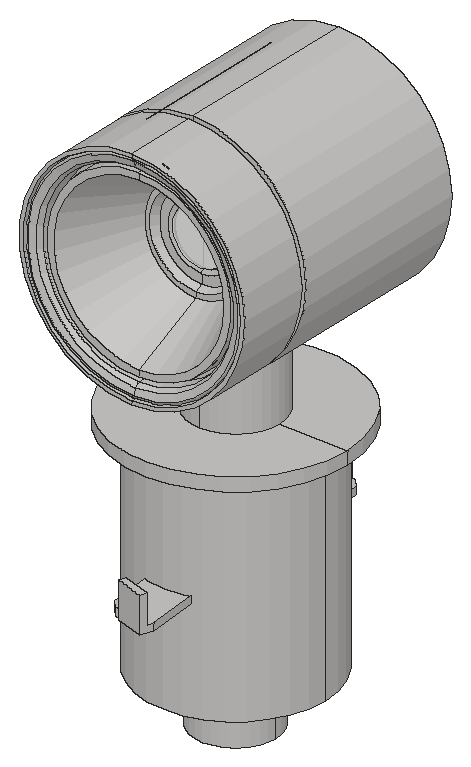
Revit family "Lighting-Luminii-Leto_11_Mini_Wet_WM", category Lighting Fixtures, host Face, Revit 2023
Family settings
  Host = Face
  Round Connector Dimension = Use Diameter
  Part Type = Normal
  OmniClass Number = 23.80.70.11.14.21
  OmniClass Title = Spots and Tracklight Specialties
  Cut with Voids When Loaded = No
  Light Source = Yes
  Maintain Annotation Orientation = No
  Shared = Yes
  Room Calculation Point = No
Parameters (values of type "Small")
  Width = 2 1/2"  # constant formula
  Wattage Comments = "6.1W"
  Wattage = 6.49954 W
  Warranty URL = "https://www.luminii.com/terms-conditions/"
  built-in parameter 1150110 = 1 (stored number, unit not read)
  Voltage Comments = "120V | 277V | 347V"  # constant formula
  Voltage = 120 V
  Version = "2020 - v1.0a"  # constant formula
  URL = "https://www.luminii.com/"
  built-in parameter 1114217 = 1 (stored number, unit not read)
  Tilt Angle = -180.00°  # constant formula
  built-in parameter 1150109 = 1 (stored number, unit not read)
  built-in parameter 1150134 = (empty or 0)
  built-in parameter 1150113 = 1 (stored number, unit not read)
  Support Phone = "224-699-9545"  # constant formula
  Support Email = "mailto:support@bimsmith.com"
  Product Page URL = "https://www.luminii.com/product/leto-11-mini-wm/"
  Power Source Type = "Driver"  # constant formula
  Power Factor = 1
  Photometric Web File = "LET11MW-L-10-35K-F20-NA.ies"
  Phase = 1
  Operating Temperature = "Consult Manufacturer Website for more Information"  # constant formula
  Number of Poles = if(and(or(Voltage = 120 V, Voltage = 277 V), Phase = 1), 1, if(and(or(Voltage = 208 V, Voltage = 240 V), Phase = 1), 2, if(and(or(Voltage = 208 V, Voltage = 240 V), Phase = 3), 3, if(and(Voltage > 300 V, Phase = 1), 2, if(and(Voltage > 400 V, Phase = 3), 3, 1)))))  # 1
  Mounting Method = "Wall Mount"  # constant formula
  Model = if(Constraints = 1, "652-S", if(Constraints = 2, "652-M", if(Constraints = 3, "652-L", "N/A")))  # "652-S"
  Manufacturer Phone Number = "403-216-7043"  # constant formula
  Manufacturer Email = "mailto: info@sensolighting.com"
  Manufacturer Address = "302 50 Ave SE. Calgary, Alberta, T2G 2A9 Canada"  # constant formula
  Manufacturer = "Luminii"  # constant formula
  built-in parameter 1150105 = 55.704 (stored number, unit not read)
  Lumens = 700 lm
  Luminaire Type = "Wall Mount LED Downlight"  # constant formula
  built-in parameter 1150115 = 1 (stored number, unit not read)
  Load Classification = Lighting
  built-in parameter 1150137 = (empty or 0)
  built-in parameter 1150139 = (empty or 0)
  Lens Material = Plastic - Luminii - Frosted Lens
  Length [instance] = if(Constraints = 1, 2 223/256", if(Constraints = 2, 8 51/256", if(Constraints = 3, 13 77/128", 2 223/256")))  # 2 223/256"
  built-in parameter 1150112 = 1 (stored number, unit not read)
  built-in parameter 1150114 = 1 (stored number, unit not read)
  Lamp Life = 1
  Lamp = "LED"  # constant formula
  Keynote = "26 50 00"
  built-in parameter 1150132 = 2
  built-in parameter 1150102 = (empty or 0)
  built-in parameter 1150107 = 3500 (stored number, unit not read)
  Initial Color Comments = "Perfomance based on 3500K Photometric Web File"  # constant formula
  built-in parameter 1150138 = (empty or 0)
  built-in parameter 1150106 = 0.55704 (stored number, unit not read)
  Housing Protection Rating = "Consult Manufacturer Website for more Information"  # constant formula
  Has Dimming = 1 = 1  # yes
  Has Battery Backup = 0 = 1  # no
  Frequency Comments = ""  # constant formula
  Frequency = 60 Hz
  Finish = Metal - Luminii - Silver Anodized Aluminum
  Environment = "Indoor"  # constant formula
  built-in parameter 1150104 = 10.006 (stored number, unit not read)
  Dimming Type = "Consult Manufacturer Website for more Information"  # constant formula
  Dimming Lamp Color Temperature Shift = <None>
  Description = "Wall mounted cylinder"  # constant formula
  Depth = 2 3/4"  # constant formula
  Default Elevation = 0"  # constant formula
  Current Amps = 50 A
  Copyright = "©2023 Luminii"  # constant formula
  Control Zone = "Consult Manufacturer Website for more Information"  # constant formula
  Control Type = "Consult Manufacturer Website for more Information"  # constant formula
  Constraints = 1
  Color Filter = 16777215
  built-in parameter 1114216 [instance] = 0  # (empty or 0)
  Canopy Finish = Metal - Luminii - Silver Anodized Aluminum
  built-in parameter 1140040 [instance] = 1 = 1  # 1
  CCT = "3500K"
  C Light Offset [instance] = (Length / 2) - 0.94488"  # 0.49066"
  built-in parameter 1114218 = 1 (stored number, unit not read)
  built-in parameter 1150133 = 10 (stored number, unit not read)
  Assembly Code = "D5020230"
  Apparent Load = Wattage / Power Factor  # 6.49954 VA
Types (3): name | Model | Length | Constraints | C Light Offset
  Small | "652-S" | 2 223/256" | 1 | 0.49066"
  Medium | "652-M" | 8 51/256" | 2 | 3.15473"
  Large | "652-L" | 13 77/128" | 3 | 5.8559"
Reference planes (in)
  plane 1 "Center (Front/Back)": y = 0
  plane 2: z = 0
  plane 3 "Center (Left/Right)": x = 0
  plane 4: x = 0
  plane 5: x = 0
  plane 6 "A": y = 0
  plane 7: y = 0
  plane 8: z = 2.04472
  plane 9: y = 1.43555
  plane 10: y = -1.43555
Forms (in)
  Extrusion 1, solid, material "Metal - Luminii - Silver Anodized Aluminum", not visible
    sketch origin (0, 0, 0) x (1, 0, 0) y (0, 1, 0)
      loop
        circle (0, 0) r 0.5
    from 0 to -0.17225
  Revolve 2, solid, material "Metal - Luminii - Silver Anodized Aluminum"
    sketch origin (0, 0, 0) x (1, 0, 0) y (0, 0, 1)
      loop
        line (0, 0) -> (-1, 0) -> (-1, -2.42867) -> (-0.44812, -2.42867) -> (-0.44812, -3) -> (0, -3) -> (0, 0)
      axis (0, 0) -> (0, -3)
    angle from 0 to 360
  Extrusion 3, solid, material "Metal - Luminii - Silver Anodized Aluminum", detail levels fine
    sketch origin (0, 1.24288, 0.62992) x (0, 1, 0) y (-1, 0, 0)
      loop
        arc (-0.28223, 0.27773) -> (-0.24329, 0.02846) -> (-0.26798, -0.22262) r 1
        line (-0.26798, -0.22262) -> (0.19841, -0.18726) -> (0.28818, -0.09959)
        arc (0.28818, -0.09959) -> (0.29354, -0.08113) -> (0.28055, -0.06697) r 0.01961
        line (0.28055, -0.06697) -> (0.18322, -0.03509)
        arc (0.18322, -0.03509) -> (0.17064, -0.01025) -> (0.19547, 0.00233) r 0.01969
        line (0.19547, 0.00233) -> (0.32631, -0.04053) -> (0.43047, 0.2775) -> (0.29592, 0.32157) -> (-0.28223, 0.27773)
      loop
        arc (-2.20354, -0.27773) -> (-2.24248, -0.02846) -> (-2.21779, 0.22262) r 1
        line (-2.21779, 0.22262) -> (-2.68418, 0.18726) -> (-2.77395, 0.09959)
        arc (-2.77395, 0.09959) -> (-2.77931, 0.08113) -> (-2.76632, 0.06697) r 0.01961
        line (-2.76632, 0.06697) -> (-2.66899, 0.03509)
        arc (-2.66899, 0.03509) -> (-2.65641, 0.01025) -> (-2.68124, -0.00233) r 0.01969
        line (-2.68124, -0.00233) -> (-2.81208, 0.04053) -> (-2.91624, -0.2775) -> (-2.78169, -0.32157) -> (-2.20354, -0.27773)
    from -1.92756 to -1.85287
  Extrusion 4, solid, material "Metal - Luminii - Silver Anodized Aluminum", detail levels fine
    sketch origin (0, 1.24288, 0.62992) x (0, 1, 0) y (-1, 0, 0)
      loop
        line (0.32631, -0.04053) -> (0.43047, 0.2775) -> (0.3595, 0.30074) -> (0.25534, -0.01728) -> (0.32631, -0.04053)
      loop
        line (-2.84527, -0.30074) -> (-2.74111, 0.01728) -> (-2.81208, 0.04053) -> (-2.91624, -0.2775) -> (-2.84527, -0.30074)
    from -1.53386 to -1.85287
  Revolve 5, solid, material "Metal - Luminii - Silver Anodized Aluminum"
    sketch origin (0, 0, 0) x (0, 1, 0) y (0, 0, 1)
      loop
        line (0, 0.14764) -> (0.49232, 0.14764) -> (0.49232, 0.9666) -> (0, 0.9666) -> (0, 0.14764)
      axis (0, 0.9666) -> (0, 0.14764)
    angle from 0 to 360
  Extrusion 6, void
    sketch origin (0, 0, 0) x (1, 0, 0) y (0, 1, 0)
      loop
        circle (0, 0) r 1
    from 0 to -3
  Revolve 7, solid, material "Metal - Luminii - Silver Anodized Aluminum" <- "Canopy Finish"
    sketch origin (0, 0, 0) x (1, 0, 0) y (0, 0, 1)
      loop
        line (-1.25, 0.14764) -> (-1.25, 0) -> (0, 0) -> (0, 0.14764) -> (-1.25, 0.14764)
      axis (0, 0.14764) -> (0, 0)
    angle from 0 to 360
Cuts and joins
  joined: Extrusion 3, Extrusion 4
Lines and regions (in)
  reference lines
    curve 1: line (-0.37509, 1.43555, 6.22009) -> (-0.37509, 1.43555, -3.27991)
    curve 2: line (-0.37509, -1.43555, 5.5619) -> (-0.37509, -1.43555, -3.9381)
Dimensions and locks (in)
  equal spacing: plane 4, plane 3 "Center (Left/Right)", plane 5
  equal spacing: plane 6 "A", plane 1 "Center (Front/Back)", plane 7
  plane 4 to plane 5 = 0"
  plane 6 "A" to plane 7 = 0"
  locked: plane 8 to plane 2 at 2.04472
  equal spacing: plane 9, plane 1 "Center (Front/Back)", plane 10
  "Length": plane 9 to plane 10
  equal spacing: curve 1, plane 1 "Center (Front/Back)", curve 2
  "Length": curve 1 to curve 2
  "C Light Offset": plane 1 "Center (Front/Back)" to imposter light
  aligned and locked: plane 2 to host face
  aligned and locked: plane 3 "Center (Left/Right)" to Extrusion 1 sketch curve
  aligned and locked: plane 1 "Center (Front/Back)" to Extrusion 1 sketch curve
  aligned and locked: plane 2 to Extrusion 1
  aligned and locked: plane 5 to nested 1
  aligned and locked: nested 1 to curve 1
  aligned and locked: imposter light to plane 3 "Center (Left/Right)"
  aligned and locked: imposter light to plane 8
Automatic sketch dimensions
  host sketch curve to host sketch curve = 96"  (x2)
  Revolve 2 sketch curve to plane 3 "Center (Left/Right)" = 0"  (x2)
  Revolve 2 sketch curve to Revolve 2 sketch curve = 0.44812"
  Revolve 2 sketch curve to Revolve 2 sketch curve = 0.55188"
  Revolve 2 sketch curve to level = 2.42867"
  Revolve 2 sketch curve to Revolve 2 sketch curve = 0.57133"
  Revolve 2 sketch curve to Revolve 2 sketch curve = 0.32681"
  Revolve 2 sketch curve to Revolve 2 sketch curve = 1"
  Extrusion 3 sketch curve to Extrusion 3 sketch curve = 0"  (x3)
  plane 1 "Center (Front/Back)" to Extrusion 3 sketch curve = 0"
  Extrusion 3 sketch curve to plane 3 "Center (Left/Right)" = 0"
  plane 3 "Center (Left/Right)" to Extrusion 3 sketch curve = 0.27773"
  plane 1 "Center (Front/Back)" to Extrusion 3 sketch curve = 0.96066"
  Extrusion 3 sketch curve to plane 3 "Center (Left/Right)" = 0.22262"
  Extrusion 3 sketch curve to plane 3 "Center (Left/Right)" = 0.03509"
  Extrusion 3 sketch curve to Extrusion 3 sketch curve = 0.4512"  (x2)
  Extrusion 3 sketch curve to Extrusion 3 sketch curve = 0.00613"  (x4)
  plane 3 "Center (Left/Right)" to Extrusion 3 sketch curve = 0.00233"
  Extrusion 3 sketch curve to plane 3 "Center (Left/Right)" = 0.18726"
  Extrusion 3 sketch curve to Extrusion 3 sketch curve = 0.01519"  (x2)
  Extrusion 3 sketch curve to Extrusion 3 sketch curve = 0.09123"  (x2)
  Extrusion 3 sketch curve to plane 3 "Center (Left/Right)" = 0.06697"
  Extrusion 3 sketch curve to Extrusion 3 sketch curve = 0.0061"  (x2)
  Extrusion 3 sketch curve to plane 3 "Center (Left/Right)" = 0.09959"
  Extrusion 3 sketch curve to Extrusion 3 sketch curve = 0.01374"  (x2)
  plane 3 "Center (Left/Right)" to Extrusion 3 sketch curve = 0.32157"
  Extrusion 3 sketch curve to Extrusion 3 sketch curve = 0.10045"  (x2)
  Extrusion 3 sketch curve to plane 3 "Center (Left/Right)" = 0.04053"
  Extrusion 3 sketch curve to Extrusion 3 sketch curve = 0.04576"  (x2)
  plane 3 "Center (Left/Right)" to Extrusion 3 sketch curve = 0.22262"
  Extrusion 3 sketch curve to plane 1 "Center (Front/Back)" = 0.9749"
  plane 3 "Center (Left/Right)" to Extrusion 3 sketch curve = 0.03509"
  Extrusion 3 sketch curve to plane 3 "Center (Left/Right)" = 0.00233"
  plane 3 "Center (Left/Right)" to Extrusion 3 sketch curve = 0.18726"
  plane 3 "Center (Left/Right)" to Extrusion 3 sketch curve = 0.06697"
  plane 3 "Center (Left/Right)" to Extrusion 3 sketch curve = 0.09959"
  Extrusion 3 sketch curve to plane 3 "Center (Left/Right)" = 0.32157"
  plane 3 "Center (Left/Right)" to Extrusion 3 sketch curve = 0.04053"
  Extrusion 3 sketch curve to plane 3 "Center (Left/Right)" = 0.27773"
  Extrusion 4 sketch curve to plane 1 "Center (Front/Back)" = 1.67336"
  Extrusion 4 sketch curve to Extrusion 4 sketch curve = 0.07098"  (x2)
  plane 3 "Center (Left/Right)" to Extrusion 4 sketch curve = 0.04053"
  plane 3 "Center (Left/Right)" to Extrusion 4 sketch curve = 0.01728"
  Extrusion 4 sketch curve to Extrusion 4 sketch curve = 0.10416"
  Extrusion 4 sketch curve to plane 3 "Center (Left/Right)" = 0.04053"
  plane 1 "Center (Front/Back)" to Extrusion 4 sketch curve = 1.5692"
  Extrusion 4 sketch curve to plane 3 "Center (Left/Right)" = 0.01728"
  plane 3 "Center (Left/Right)" to Extrusion 4 sketch curve = 0.2775"
  Revolve 5 sketch curve to plane 1 "Center (Front/Back)" = 0"  (x2)
  level to Revolve 5 sketch curve = 0.14764"
  Revolve 5 sketch curve to plane 1 "Center (Front/Back)" = 0.49232"
  Revolve 5 sketch curve to Revolve 5 sketch curve = 0.81896"
  Revolve 5 sketch curve to Revolve 5 sketch curve = 0.15377"
  Revolve 5 sketch curve to Revolve 5 sketch curve = 0.16993"
  Revolve 7 sketch curve to level = 0"
  Revolve 7 sketch curve to plane 3 "Center (Left/Right)" = 0"  (x2)
  Revolve 7 sketch curve to Revolve 7 sketch curve = 1 1/4"
  level to Revolve 7 sketch curve = 0.14764"
  Revolve 7 sketch curve to Revolve 7 sketch curve = 3.32681"
  Revolve 7 sketch curve to Revolve 7 sketch curve = 1"
  Revolve 2 sketch curve to level = 0"
  plane 8 to curve 1 = 4.17537"
  curve 1 to curve 2 = 0.65819"  (x2)
  curve 1 to level = 3.27991"
  radius of Extrusion 1 sketch curve = 1/2"
Nested families (in)
  nested 1: "Nested - Lamp" at (0, 1.43555, 2.04472) x (1, 0, 0) z (0, -1, 0), type "Nested - Lamp"
    with Height 2.87", Constraints 1
Connectors (in)
  electrical at (0, 0, 0), driven by "Number of Poles", driven by "Load Classification", driven by "Voltage", driven by "Apparent Load", driven by "Power Factor"
    settings: on Extrusion 1, index 1, voltage 120 V, apparent load 6.49954 VA, apparent load phase1 0 VA, apparent load phase2 0 VA, apparent load phase3 0 VA, power factor 1, load classification "Lighting", number of poles 1, system type 30, power factor state 1, is connector primary yes, connector utility no, sub classification motor no, connector description "Power Connection"
Definition of nested family "Nested - Lamp"
  Parameters (values of type "Nested - Lamp")
    Screen Material = none
    Inner Screen = none
    Height = if(Constraints = 1, 2.87", if(Constraints = 2, 8.2", if(Constraints = 3, 13.6", 2.87")))  # 13.6"
    Finish = none
    Default Elevation = 48"
    Constraints = 3
  Reference planes (in)
    plane 1 "Center (Front/Back)": y = 0
    plane 2: z = 0
    plane 3 "Center (Left/Right)": x = 0
    plane 4: y = 1.25
    plane 5: y = -1.25
    plane 6: x = -1.25
    plane 7: x = 1.25
    plane 8: z = 13.6
  Forms (in)
    Extrusion 1, solid
      sketch origin (0, 0, 0) x (1, 0, 0) y (0, 1, 0)
        loop
          line (-48, 48) -> (-48, -48) -> (48, -48) -> (48, 48) -> (-48, 48)
      from 0 to -12
    Revolve 2, solid, material <- "Finish", detail levels medium+fine
      sketch origin (0, 0, 0) x (0, 1, 0) y (0, 0, 1)
        loop
          line (1.25, 13.6) -> (1.21031, 13.6) -> (1.21031, 13.4933) -> (1.12463, 13.40762) -> (1.12463, 0.11811) -> (0, 0.11811) -> (0, 0.04341) -> (1.19483, 0.04341) -> (1.19483, 0) -> (1.25, 0) -> (1.25, 12.75354) -> (1.19101, 12.75354) -> (1.19101, 12.8126) -> (1.25, 12.8126) -> (1.25, 13.6)
        axis (0, 13.6) -> (0, 0)
      angle from 0 to 360
    Revolve 3, solid, material <- "Inner Screen"
      sketch origin (0, 2.89466, 13.6) x (0, -1, 0) y (0, 0, -1)
        loop
          arc (1.70127, 0.03321) -> (1.70809, 0.01858) -> (1.72402, 0.01606) r 0.01718
          line (1.72402, 0.01606) -> (1.7973, 0.04129) -> (1.82801, 0.09447) -> (1.83533, 0.24409) -> (1.86648, 0.24409) -> (1.87589, 0.09646) -> (1.95016, 0.09646) -> (2.31636, 0.88976) -> (2.37687, 0.88976) -> (2.42189, 0.96469) -> (2.52571, 0.96469) -> (2.57975, 0.98397) -> (2.89466, 0.98397) -> (2.89466, 1.01963) -> (2.57975, 1.01963) -> (2.52711, 0.99619) -> (2.40414, 0.99619) -> (2.35912, 0.92126) -> (2.29474, 0.92126) -> (1.99361, 0.26889) -> (1.80428, 0.26889) -> (1.8018, 0.22166) -> (1.70613, 0.12598) -> (1.70127, 0.03321)
        axis (2.89466, 0.01606) -> (2.89466, 1.01963)
      angle from 0 to 360
    Extrusion 4, solid
      sketch origin (0, 0, 12.61603) x (0, 1, 0) y (-1, 0, 0)
        loop
          circle (0, 0) r 0.31491
      from 0 to 0.02756
    Revolve 5, solid, material <- "Finish", detail levels coarse
      sketch origin (0, 0, 0) x (0, 1, 0) y (0, 0, 1)
        loop
          line (1.25, 13.6) -> (1.21031, 13.6) -> (1.21031, 13.4933) -> (1.12463, 13.40762) -> (1.12463, 0.11811) -> (0, 0.11811) -> (0, 0.04341) -> (1.19483, 0.04341) -> (1.19483, 0) -> (1.25, 0) -> (1.25, 13.6)
        axis (0, 13.6) -> (0, 0)
      angle from 0 to 360
    Extrusion 6, void
      sketch origin (0, 0, 0.04341) x (0, 1, 0) y (1, 0, 0)
        loop
          line (0.29528, -0.31496) -> (-0.29528, -0.31496)
          arc (-0.29528, -0.31496) -> (-0.3248, -0.34449) -> (-0.29528, -0.37402) r 0.02953
          line (-0.29528, -0.37402) -> (0.29528, -0.37402)
          arc (0.29528, -0.37402) -> (0.3248, -0.34449) -> (0.29528, -0.31496) r 0.02953
        loop
          arc (-0.3937, 0.37402) -> (-0.76772, 0) -> (-0.3937, -0.37402) r 0.37402
          arc (-0.3937, -0.37402) -> (-0.36417, -0.34449) -> (-0.3937, -0.31496) r 0.02953
          arc (-0.3937, -0.31496) -> (-0.70866, 0) -> (-0.3937, 0.31496) r 0.31496
          arc (-0.3937, 0.31496) -> (-0.36417, 0.34449) -> (-0.3937, 0.37402) r 0.02953
        loop
          arc (0.3937, 0.37402) -> (0.36417, 0.34449) -> (0.3937, 0.31496) r 0.02953
          arc (0.3937, 0.31496) -> (0.70866, 0) -> (0.3937, -0.31496) r 0.31496
          arc (0.3937, -0.31496) -> (0.36417, -0.34449) -> (0.3937, -0.37402) r 0.02953
          arc (0.3937, -0.37402) -> (0.76772, 0) -> (0.3937, 0.37402) r 0.37402
        loop
          arc (0.29528, 0.31496) -> (0.3248, 0.34449) -> (0.29528, 0.37402) r 0.02953
          line (0.29528, 0.37402) -> (-0.29528, 0.37402)
          arc (-0.29528, 0.37402) -> (-0.3248, 0.34449) -> (-0.29528, 0.31496) r 0.02953
          line (-0.29528, 0.31496) -> (0.29528, 0.31496)
      from -0.40135 to 0.8402
  Cuts and joins
    Extrusion 6 cuts Revolve 2
  Lines and regions (in)
    reference lines
      curve 1: line (0, 2.89466, 13.6) -> (0, -2.68701, 13.6)
  Dimensions and locks (in)
    plane 8 to Revolve 2 sketch curve to Revolve 2 sketch curve = 0.1067" locked, 0.08568" locked
    "Height": plane 8 to Extrusion 1
    Extrusion 4 to Extrusion 4 to curve 1 = 0.02756" locked, 0.95641" locked
    Revolve 2 sketch curve to Revolve 2 sketch curve to curve 1 = 0.05906" locked, 0.7874" locked
    "Height": curve 1 to plane 2
    Revolve 5 sketch curve to Revolve 5 sketch curve to curve 1 = 0.08568" locked, 0.1067" locked
    aligned and locked: plane 2 to Extrusion 1
    aligned and locked: level to Extrusion 1
    aligned and locked: Revolve 2 sketch curve to plane 8
    aligned and locked: curve 1 to Revolve 5 sketch curve
  Automatic sketch dimensions
    Extrusion 1 sketch curve to Extrusion 1 sketch curve = 96"  (x2)
    Revolve 3 sketch curve to curve 1 = 0.03321"
    curve 1 to Revolve 3 sketch curve = 1.70127"
    Revolve 3 sketch curve to curve 1 = 0.12598"
    Revolve 3 sketch curve to Revolve 3 sketch curve = 0.00486"
    Revolve 3 sketch curve to Revolve 3 sketch curve = 0.01716"
    Revolve 3 sketch curve to curve 1 = 0.01606"
    Revolve 3 sketch curve to Revolve 3 sketch curve = 0.00559"
    Revolve 3 sketch curve to curve 1 = 0.04129"
    Revolve 3 sketch curve to Revolve 3 sketch curve = 0.07328"
    Revolve 3 sketch curve to curve 1 = 0.22166"
    Revolve 3 sketch curve to Revolve 3 sketch curve = 0.09567"
    Revolve 3 sketch curve to Revolve 3 sketch curve = 0.00248"
    Revolve 3 sketch curve to curve 1 = 0.09447"
    Revolve 3 sketch curve to Revolve 3 sketch curve = 0.03071"
    Revolve 3 sketch curve to curve 1 = 0.24409"
    Revolve 3 sketch curve to Revolve 3 sketch curve = 0.03105"
    Revolve 3 sketch curve to Revolve 3 sketch curve = 0.03115"
    Revolve 3 sketch curve to curve 1 = 0.09646"
    Revolve 3 sketch curve to Revolve 3 sketch curve = 0.04789"
    Revolve 3 sketch curve to Revolve 3 sketch curve = 0.07427"
    Revolve 3 sketch curve to curve 1 = 0.26889"
    Revolve 3 sketch curve to Revolve 3 sketch curve = 0.12713"
    Revolve 3 sketch curve to Revolve 3 sketch curve = 0.30113"
    Revolve 3 sketch curve to Revolve 3 sketch curve = 0.02161"
    Revolve 3 sketch curve to curve 1 = 0.92126"
    Revolve 3 sketch curve to Revolve 3 sketch curve = 0.04276"
    Revolve 3 sketch curve to curve 1 = 0.88976"
    Revolve 3 sketch curve to Revolve 3 sketch curve = 0.01775"  (x2)
    Revolve 3 sketch curve to curve 1 = 0.99619"
    Revolve 3 sketch curve to Revolve 3 sketch curve = 0.04502"
    Revolve 3 sketch curve to Revolve 3 sketch curve = 0.10382"
    Revolve 3 sketch curve to Revolve 3 sketch curve = 0.0014"
    Revolve 3 sketch curve to Revolve 3 sketch curve = 0.05264"
    Revolve 3 sketch curve to curve 1 = 0.98397"
    Revolve 3 sketch curve to Revolve 3 sketch curve = 0"
    Revolve 3 sketch curve to Revolve 3 sketch curve = 0.31491"
    Revolve 3 sketch curve to Revolve 3 sketch curve = 0.0315"
    Revolve 3 sketch curve to Revolve 3 sketch curve = 0.03566"
    curve 1 to Revolve 3 sketch curve = 0.19685"
    Revolve 3 sketch curve to Revolve 3 sketch curve = 0.9445"
    Revolve 3 sketch curve to Revolve 3 sketch curve = 0.92235"
    Revolve 5 sketch curve to plane 1 "Center (Front/Back)" = 0"  (x2)
    Revolve 5 sketch curve to level = 0"
    Revolve 5 sketch curve to plane 4 = 0"
    Revolve 5 sketch curve to plane 4 = 0.12537"
    Revolve 5 sketch curve to plane 4 = 0.05517"
    Revolve 5 sketch curve to plane 4 = 0.03969"
    Revolve 5 sketch curve to Revolve 5 sketch curve = 0.04341"
    Revolve 5 sketch curve to Revolve 5 sketch curve = 0.0747"
    Revolve 5 sketch curve to Revolve 5 sketch curve = 5.71313"
    Revolve 5 sketch curve to Revolve 5 sketch curve = 7.30315"
    Extrusion 6 sketch curve to Extrusion 6 sketch curve = 0"  (x14)
    Extrusion 6 sketch curve to Revolve 2 = 0"  (x2)
    Extrusion 6 sketch curve to Extrusion 6 sketch curve = 0.09843"  (x3)
    Revolve 2 to Extrusion 6 sketch curve = 0.34449"
    Extrusion 6 sketch curve to Extrusion 6 sketch curve = 0.59055"  (x2)
    Extrusion 6 sketch curve to Revolve 2 = 0.34449"
    Extrusion 6 sketch curve to Extrusion 6 sketch curve = 0.02953"  (x4)
    Revolve 2 sketch curve to plane 1 "Center (Front/Back)" = 0"  (x2)
    Revolve 2 sketch curve to level = 0"
    Revolve 2 sketch curve to plane 4 = 0"  (x2)
    Revolve 2 sketch curve to plane 4 = 0.12537"
    Revolve 2 sketch curve to plane 4 = 0.05899"
    Revolve 2 sketch curve to plane 4 = 0.05517"
    Revolve 2 sketch curve to plane 4 = 0.03969"
    level to Revolve 2 sketch curve = 0.04341"
    Revolve 2 sketch curve to Revolve 2 sketch curve = 0.0747"
    Revolve 2 sketch curve to plane 8 = 0.49213"
    plane 8 to Revolve 2 sketch curve = 1.9685"
    plane 5 to curve 1 = 1.43701"
    plane 4 to curve 1 = 1.64466"
    radius of Extrusion 4 sketch curve to Revolve 3 = 0"
